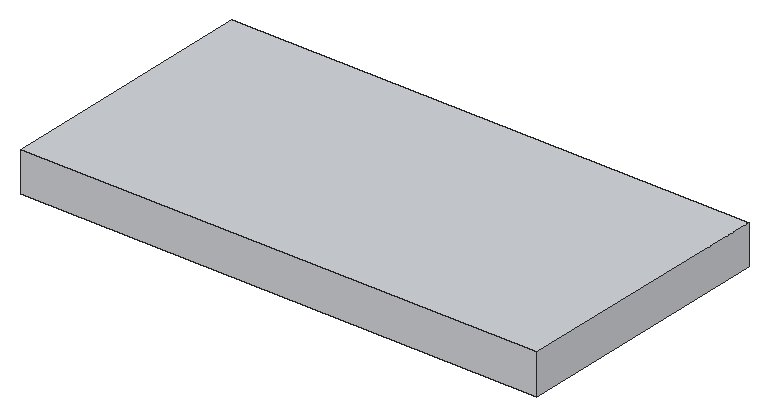
Revit family "G805-002 CAB50B", category Mechanical Equipment, Revit 2012
Parameters (values of type "8 TON")
  URL = "http://desert-aire.com/"
  Type Comments = "NON PACKAGED"
  Outdoor Unit = yes
  Model = "G805-002"
  Manufacturer = "DESERT AIRE"
  Description = "TOP/END FLOW UNIT"
  Curb Height = 0' - 8"
  Cost = 0
Reference planes (in)
  plane 1: y = 0
  plane 2: z = 0
  plane 3: x = 0
  plane 4: z = 8
  plane 5: z = 69.925
  plane 6: z = 35.71438
Forms (in)
  Extrusion 1, solid
    sketch origin (-4, 0, 0) x (1, 0, 0) y (0, 1, 0)
      loop
        line (-39.96038, 26.44436) -> (-39.96038, -26.68064) -> (63.66462, -26.68064) -> (63.66462, 26.44436) -> (-39.96038, 26.44436)
    from 0 to 8
Dimensions and locks (in)
  "Curb Height": plane 4 to plane 2
  locked: plane 5 to plane 4 at 61.925
  locked: plane 5 to plane 6 at 34.21062
  aligned and locked: plane 4 to Extrusion 1
  aligned and locked: import instance to import instance  (x2)
  aligned and locked: import instance to plane 5
  aligned and locked: import instance to plane 6
Automatic sketch dimensions
  Extrusion 1 sketch curve to plane 3 = 3' - 7.96038"
  plane 1 to Extrusion 1 sketch curve = 2' - 2.68064"
  Extrusion 1 sketch curve to plane 1 = 2' - 2.44436"
  plane 3 to Extrusion 1 sketch curve = 4' - 11.66462"
Connectors (in)
  piping at (1.58395, 0.13787, 0)
    settings: on Extrusion 1, index 7, connector radius 1/2", flow factor 0, pipe flow 0 GPM, pressure drop 0.00 psi, fitting loss kfactor 0, connector angle 0.00°, fixture units 0, engagement length 0' - 0", flow configuration 0, flow direction 0, fitting loss method 0, system type 22, joint type 0, gender type 0, connector reference index -1, connector utility 0, adjustable connector no, is connector primary yes, fitting loss table "", connector description "BOTTOM CONDENSATE"
  piping at (19.81075, -30.53041, 13.83911)
    settings: on import instance, index 53, connector radius 1/2", flow factor 0, pipe flow 0 GPM, pressure drop 0.00 psi, fitting loss kfactor 0, connector angle 0.00°, fixture units 0, engagement length 0' - 0", flow configuration 0, flow direction 0, fitting loss method 0, system type 22, joint type 0, gender type 0, connector reference index -1, connector utility 0, adjustable connector no, is connector primary no, fitting loss table "", connector description "LEFT SIDE CONDENSATE"
  piping at (19.81075, -30.53041, 15.58911)
    settings: on import instance, index 54, connector radius 7/16", flow factor 0, pipe flow 0 GPM, pressure drop 0.00 psi, fitting loss kfactor 0, connector angle 0.00°, fixture units 0, engagement length 0' - 0", flow configuration 0, flow direction 0, fitting loss method 0, system type 7, joint type 0, gender type 0, connector reference index -1, connector utility 0, adjustable connector no, is connector primary no, fitting loss table "", connector description "LEFT SIDE RC DISCHARGE CONNECTION LOCATION"
  piping at (19.81075, -30.53041, 16.83911)
    settings: on import instance, index 55, connector radius 5/16", flow factor 0, pipe flow 0 GPM, pressure drop 0.00 psi, fitting loss kfactor 0, connector angle 0.00°, fixture units 0, engagement length 0' - 0", flow configuration 0, flow direction 0, fitting loss method 0, system type 8, joint type 0, gender type 0, connector reference index -1, connector utility 0, adjustable connector no, is connector primary no, fitting loss table "", connector description "LEFT SIDE RC RETURN CONNECTION LOCATION"
  piping at (19.81075, -30.53041, 22.83911)
    settings: on import instance, index 56, connector radius 11/16", flow factor 0, pipe flow 0 GPM, pressure drop 0.00 psi, fitting loss kfactor 0, connector angle 0.00°, fixture units 0, engagement length 0' - 0", flow configuration 0, flow direction 0, fitting loss method 0, system type 20, joint type 0, gender type 0, connector reference index -1, connector utility 0, adjustable connector no, is connector primary no, fitting loss table "", connector description "LEFT SIDE WATER INLET CONNECTION LOCATION"
  piping at (19.81075, -30.53041, 25.08911)
    settings: on import instance, index 57, connector radius 11/16", flow factor 0, pipe flow 0 GPM, pressure drop 0.00 psi, fitting loss kfactor 0, connector angle 0.00°, fixture units 0, engagement length 0' - 0", flow configuration 0, flow direction 0, fitting loss method 0, system type 20, joint type 0, gender type 0, connector reference index -1, connector utility 0, adjustable connector no, is connector primary no, fitting loss table "", connector description "LEFT SIDE WATER OUTLET CONNECTION LOCATION"
  electrical at (65.66221, -26.28777, 65.56236)
    settings: on import instance, index 58, voltage 0 V, apparent load 0 VA, apparent load phase1 0 VA, apparent load phase2 0 VA, apparent load phase3 0 VA, power factor 1, load classification "Other", number of poles 1, system type 30, power factor state 1, is connector primary yes, connector utility no, sub classification motor no, connector description "OPTIONAL DISCONNECT LOCATION"
  piping at (19.79685, 30.58959, 13.82568)
    settings: on import instance, index 59, connector radius 1/2", flow factor 0, pipe flow 0 GPM, pressure drop 0.00 psi, fitting loss kfactor 0, connector angle 0.00°, fixture units 0, engagement length 0' - 0", flow configuration 0, flow direction 0, fitting loss method 0, system type 22, joint type 0, gender type 0, connector reference index -1, connector utility 0, adjustable connector no, is connector primary no, fitting loss table "", connector description "RIGHT SIDE CONDENSATE"
  piping at (19.79685, 30.58959, 15.57568)
    settings: on import instance, index 60, connector radius 7/16", flow factor 0, pipe flow 0 GPM, pressure drop 0.00 psi, fitting loss kfactor 0, connector angle 0.00°, fixture units 0, engagement length 0' - 0", flow configuration 0, flow direction 0, fitting loss method 0, system type 7, joint type 0, gender type 0, connector reference index -1, connector utility 0, adjustable connector no, is connector primary no, fitting loss table "", connector description "RIGHT SIDE RC DISCHARGE CONNECTION LOCATION"
  piping at (19.79685, 30.58959, 16.82568)
    settings: on import instance, index 61, connector radius 5/16", flow factor 0, pipe flow 0 GPM, pressure drop 0.00 psi, fitting loss kfactor 0, connector angle 0.00°, fixture units 0, engagement length 0' - 0", flow configuration 0, flow direction 0, fitting loss method 0, system type 8, joint type 0, gender type 0, connector reference index -1, connector utility 0, adjustable connector no, is connector primary no, fitting loss table "", connector description "RIGHT SIDE RC RETURN CONNECTION LOCATION"
  piping at (19.79685, 30.58959, 22.82568)
    settings: on import instance, index 62, connector radius 11/16", flow factor 0, pipe flow 0 GPM, pressure drop 0.00 psi, fitting loss kfactor 0, connector angle 0.00°, fixture units 0, engagement length 0' - 0", flow configuration 0, flow direction 0, fitting loss method 0, system type 20, joint type 0, gender type 0, connector reference index -1, connector utility 0, adjustable connector no, is connector primary no, fitting loss table "", connector description "RIGHT SIDE WATER INLET CONNECTION LOCATION"
  piping at (19.79685, 30.58959, 25.07568)
    settings: on import instance, index 63, connector radius 11/16", flow factor 0, pipe flow 0 GPM, pressure drop 0.00 psi, fitting loss kfactor 0, connector angle 0.00°, fixture units 0, engagement length 0' - 0", flow configuration 0, flow direction 0, fitting loss method 0, system type 20, joint type 0, gender type 0, connector reference index -1, connector utility 0, adjustable connector no, is connector primary no, fitting loss table "", connector description "RIGHT SIDE WATER OUTLET CONNECTION LOCATION"
  hvac at (56.53859, 0.00624, 69.925)
    settings: on import instance, index 64, duct flow 0 CFM, flow factor 0, pres drop 0.00 in-wg, loss coef 0, conn angle 0.00°, conn width 16", conn height 15 3/4", conn radius 12", duct sys type 1, conn prof type 1, flow config 0, flow direction 0, loss method 0, conn ref index -1, conn util no, is conn primary yes, conn desc "SUPPLY DISCHARGE"
  hvac at (65.66221, -0.0322, 24.70972)
    settings: on import instance, index 65, duct flow 0 CFM, flow factor 0, pres drop 0.00 in-wg, loss coef 0, conn angle 0.00°, conn width 42 1/2", conn height 20 1/2", conn radius 12", duct sys type 2, conn prof type 1, flow config 0, flow direction 0, loss method 0, conn ref index -1, conn util no, is conn primary no, conn desc "RETURN INTAKE"
  hvac at (65.66221, 0, 50.17698)
    settings: on import instance, index 66, duct flow 0 CFM, flow factor 0, pres drop 0.00 in-wg, loss coef 0, conn angle 0.00°, conn width 15 3/4", conn height 16", conn radius 12", duct sys type 1, conn prof type 1, flow config 0, flow direction 0, loss method 0, conn ref index -1, conn util no, is conn primary no, conn desc "SUPPLY DISCHARGE"
  hvac at (-48.61163, 0.12128, 22.31937)
    settings: on import instance, index 67, duct flow 0 CFM, flow factor 0, pres drop 0.00 in-wg, loss coef 0, conn angle 0.00°, conn width 15 3/4", conn height 16", conn radius 12", duct sys type 3, conn prof type 1, flow config 0, flow direction 0, loss method 0, conn ref index -1, conn util no, is conn primary no, conn desc "EXHAUST DISCHARGE"
  hvac at (-48.61163, -0.0139, 57.005)
    settings: on import instance, index 68, duct flow 0 CFM, flow factor 0, pres drop 0.00 in-wg, loss coef 0, conn angle 0.00°, conn width 49 7/8", conn height 23 7/8", conn radius 12", duct sys type 3, conn prof type 1, flow config 0, flow direction 0, loss method 0, conn ref index -1, conn util no, is conn primary no, conn desc "O/A INTAKE"
